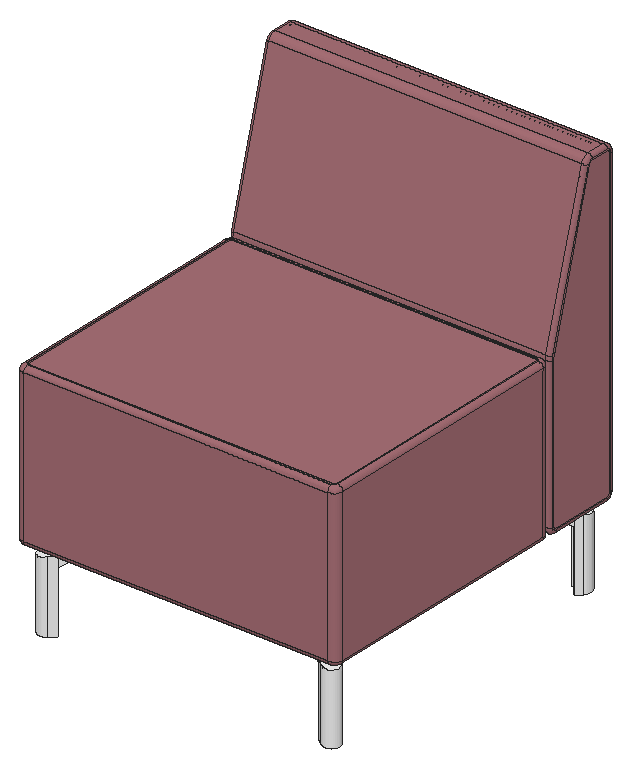
Revit family "Woodstock-Jefferson-JEFF-CH-1", category Furniture, Revit 2014
Parameters (values of type "JEFF-CH")
  Width = 23.9042"
  URL = "www.woodstockmarketing.com"
  Type Comments = "JEFFERSON LOUNGE"  # constant formula
  Seat = WTK - Fabric - Burgundy
  Salvage or Reuse = yes
  Percentage of Recycled Content = 0
  Model = "JEFF-CH"
  Manufacturer = "WOODSTOCK MARKETING"  # constant formula
  Low Emitting Material = yes
  Low Emitting Finish = yes
  Legs = WTK - Steel, Chrome Plated
  Keynote = "12500"
  Height = 29.88025"
  Depth = 25.89622"
  Description = "Straight"
  Back = WTK - Fabric - Burgundy
  Assembly Code = "E2020200"
Reference planes (in)
  plane 1 "Center Front/Back": y = 0
  plane 2: z = 0
  plane 3 "Center Left/Right": x = 0
  plane 4: z = 29.88025
  plane 5: x = 11.9521
  plane 6: x = 23.9042
  plane 7: y = -12.94811
  plane 8: y = -25.89622
  plane 9: through (1.2573, -1.25731, 48) normal (0.7071, 0.7071, 0)
  plane 10: through (0.94755, -1.41764, 48) normal (-0.7071, 0.7071, 0)
  plane 11: through (22.64689, -1.25731, 48) normal (0.7071, -0.7071, 0)
  plane 12: through (22.95665, -1.41764, 48) normal (-0.7071, -0.7071, 0)
  plane 13: through (22.64689, -24.63891, 48) normal (-0.7071, -0.7071, 0)
  plane 14: through (22.95665, -24.47858, 48) normal (0.7071, -0.7071, 0)
  plane 15: through (1.2573, -24.63891, 48) normal (-0.7071, 0.7071, 0)
  plane 16: through (0.94755, -24.47858, 48) normal (0.7071, 0.7071, 0)
  plane 17: z = 5.97605
Forms (in)
  Sweep 1, solid, material "WTK - Fabric - Burgundy" <- "Back"
    path origin (0, 0, 0) x (0, 1, 0) y (0, 0, 1)
      loop
        arc (0, 29.28454) -> (-0.17448, 29.70577) -> (-0.5957, 29.88025) r 0.5957
        line (-0.5957, 29.88025) -> (-2.02763, 29.88025)
        arc (-2.02763, 29.88025) -> (-2.39754, 29.75695) -> (-2.61949, 29.43636) r 0.61652
        line (-2.61949, 29.43636) -> (-5.92373, 18.10753)
        arc (-5.92373, 18.10753) -> (-5.9629, 17.92627) -> (-5.97605, 17.7413) r 1.30797
        line (-5.97605, 17.7413) -> (-5.97605, 6.56601)
        arc (-5.97605, 6.56601) -> (-5.80325, 6.14885) -> (-5.38609, 5.97605) r 0.58996
        line (-5.38609, 5.97605) -> (-0.59284, 5.97605)
        arc (-0.59284, 5.97605) -> (-0.17364, 6.14969) -> (0, 6.56889) r 0.59284
        line (0, 6.56889) -> (0, 29.28454)
    profile origin (0, 0, 17.92672) x (1, 0, 0) y (0, 1, 0)
      loop
        arc (0.28581, 0) -> (0.08371, -0.08371) -> (0, -0.28581) r 0.28581
        line (0, -0.28581) -> (0, -0.3476) -> (23.9042, -0.3476) -> (23.9042, -0.28516)
        arc (23.9042, -0.28516) -> (23.82068, -0.08352) -> (23.61904, 0) r 0.28516
        line (23.61904, 0) -> (0.28581, 0)
  Extrusion 2, solid, material "WTK - Fabric - Burgundy" <- "Back"
    sketch origin (23.9042, -4.66807, 17.7413) x (0, 0, 1) y (0, -1, 0)
      loop
        arc (11.79135, -2.64044) -> (11.73757, -2.4791) -> (11.59773, -2.38229) r 0.26891
        line (11.59773, -2.38229) -> (0.2689, 0.92196)
        arc (0.2689, 0.92196) -> (0.13582, 0.95072) -> (0, 0.96037) r 0.96037
        line (0, 0.96037) -> (-11.17529, 0.96037)
        arc (-11.17529, 0.96037) -> (-11.34666, 0.88939) -> (-11.41764, 0.71801) r 0.24236
        line (-11.41764, 0.71801) -> (-11.41764, -4.07523)
        arc (-11.41764, -4.07523) -> (-11.34581, -4.24864) -> (-11.1724, -4.32047) r 0.24524
        line (-11.1724, -4.32047) -> (11.54325, -4.32047)
        arc (11.54325, -4.32047) -> (11.71868, -4.2478) -> (11.79135, -4.07237) r 0.2481
        line (11.79135, -4.07237) -> (11.79135, -2.64044)
    from 0 to -23.9042
  Sweep 3, solid, material "WTK - Fabric - Burgundy" <- "Seat"
    path origin (0, 0, 0) x (1, 0, 0) y (0, 1, 0)
      loop
        line (0, -6.57124) -> (0, -25.30247)
        arc (0, -25.30247) -> (0.17391, -25.72231) -> (0.59375, -25.89622) r 0.59375
        line (0.59375, -25.89622) -> (23.31045, -25.89622)
        arc (23.31045, -25.89622) -> (23.73029, -25.72231) -> (23.9042, -25.30247) r 0.59375
        line (23.9042, -25.30247) -> (23.9042, -6.5698)
        arc (23.9042, -6.5698) -> (23.73029, -6.14996) -> (23.31045, -5.97605) r 0.59375
        line (23.31045, -5.97605) -> (0.59519, -5.97605)
        arc (0.59519, -5.97605) -> (0.17433, -6.15038) -> (0, -6.57124) r 0.59519
    profile origin (0, -15.93686, 0) x (1, 0, 0) y (0, 0, 1)
      loop
        arc (0.36682, 17.92815) -> (0.10744, 17.82071) -> (0, 17.56133) r 0.36682
        line (0, 17.56133) -> (0, 6.27694)
        arc (0, 6.27694) -> (0.08813, 6.06418) -> (0.30089, 5.97605) r 0.30089
        line (0.30089, 5.97605) -> (0.44136, 5.97605) -> (0.44136, 17.92815) -> (0.36682, 17.92815)
  Extrusion 4, solid, material "WTK - Fabric - Burgundy" <- "Seat"
    sketch origin (23.31045, -25.30247, 17.92815) x (0, -1, 0) y (1, 0, 0)
      loop
        arc (0, -22.86909) -> (0.10776, -22.82446) -> (0.15239, -22.7167) r 0.15239
        line (0.15239, -22.7167) -> (0.15239, 0)
        arc (0.15239, 0) -> (0.10776, 0.10776) -> (0, 0.15239) r 0.15239
        line (0, 0.15239) -> (-18.73267, 0.15239)
        arc (-18.73267, 0.15239) -> (-18.84043, 0.10776) -> (-18.88506, 0) r 0.15239
        line (-18.88506, 0) -> (-18.88506, -22.71525)
        arc (-18.88506, -22.71525) -> (-18.84, -22.82403) -> (-18.73122, -22.86909) r 0.15384
        line (-18.73122, -22.86909) -> (0, -22.86909)
    from 0 to -11.9521
Lines and regions (in)
  symbolic lines, style "Chair"
    curve 1: line (0.25, 0, 0) -> (23.6226, 0, 0)
    curve 2: line (0, -0.25, 0) -> (0, -5.67733, 0)
    curve 3: arc (0.25, 0, 0) -> (0.07322, -0.07322, 0) -> (0, -0.25, 0) r 0.25
    curve 4: line (23.9042, -0.2816, 0) -> (23.9042, -5.66638, 0)
    curve 5: arc (23.6226, 0, 0) -> (23.82172, -0.08248, 0) -> (23.9042, -0.2816, 0) r 0.2816
    curve 6: line (0.30719, -5.98452, 0) -> (23.58606, -5.98452, 0)
    curve 7: arc (0, -5.67733, 0) -> (0.08997, -5.89455, 0) -> (0.30719, -5.98452, 0) r 0.30719
    curve 8: arc (23.9042, -5.66638, 0) -> (23.81102, -5.89134, 0) -> (23.58606, -5.98452, 0) r 0.31814
    curve 9: line (0.60458, -25.89622, 0) -> (23.31916, -25.89622, 0)
    curve 10: line (0, -6.57716, 0) -> (0, -25.29164, 0)
    curve 11: line (23.9042, -6.56118, 0) -> (23.9042, -25.31118, 0)
    curve 12: arc (0, -25.29164, 0) -> (0.17708, -25.71914, 0) -> (0.60458, -25.89622, 0) r 0.60458
    curve 13: arc (23.9042, -25.31118, 0) -> (23.73285, -25.72486, 0) -> (23.31916, -25.89622, 0) r 0.58503
    curve 14: arc (23.9042, -6.56118, 0) -> (23.7672, -6.18479, 0) -> (23.42032, -5.98452, 0) r 0.58555
    curve 15: arc (0, -6.57716, 0) -> (0.14079, -6.19034, 0) -> (0.49728, -5.98452, 0) r 0.60178
Dimensions and locks (in)
  "Height": plane 4 to plane 2
  equal spacing: plane 3 "Center Left/Right", plane 5, plane 6
  "Width": plane 3 "Center Left/Right" to plane 6
  equal spacing: plane 8, plane 7, plane 1 "Center Front/Back"
  "Depth": plane 8 to plane 1 "Center Front/Back"
  locked: Sweep 3 sketch curve to plane 3 "Center Left/Right" at 0.44136
  locked: Sweep 3 sketch curve to plane 2 at 5.97605
  locked: plane 4 to Sweep 3 sketch curve at 11.9521
  locked: Sweep 3 sketch curve to plane 1 "Center Front/Back" at 5.97605
  locked: plane 17 to plane 2 at 5.97605
  aligned and locked: plane 2 to level
  aligned and locked: plane 1 "Center Front/Back" to Sweep 1 sketch curve
  aligned and locked: Sweep 1 sketch curve to plane 6
  aligned and locked: plane 3 "Center Left/Right" to Sweep 1 sketch curve
  aligned and locked: Extrusion 2 sketch curve to Sweep 1  (x5)
  aligned and locked: Sweep 1 to Extrusion 2
  aligned and locked: Extrusion 2 to Sweep 1
  aligned and locked: Extrusion 4 sketch curve to Sweep 3  (x4)
  aligned and locked: Extrusion 4 to Sweep 3
  aligned and locked: Extrusion 4 to nested 1
  aligned and locked: nested 1 to plane 9
  aligned and locked: nested 1 to plane 10
  aligned and locked: nested 2 to plane 11
  aligned and locked: nested 2 to plane 12
  aligned and locked: nested 3 to plane 13
  aligned and locked: nested 3 to plane 14
  aligned and locked: nested 4 to plane 15
  aligned and locked: nested 4 to plane 16
  aligned and locked: plane 3 "Center Left/Right" to Sweep 3 sketch curve
  aligned and locked: Sweep 3 sketch curve to plane 8
  aligned and locked: Sweep 3 sketch curve to plane 6
  aligned and locked: Sweep 3 sketch curve to plane 3 "Center Left/Right"
Automatic sketch dimensions
  plane 4 to Sweep 1 sketch curve = 0"
  Sweep 1 sketch curve to plane 1 "Center Front/Back" = 0"
  Sweep 1 sketch curve to Sweep 1 sketch curve = 0.59284"
  Sweep 1 sketch curve to Sweep 1 sketch curve = 0.5957"
  Sweep 1 sketch curve to Sweep 1 sketch curve = 1.43193"
  plane 4 to Sweep 1 sketch curve = 0.44389"
  Sweep 1 sketch curve to Sweep 1 sketch curve = 0.59186"
  plane 1 "Center Front/Back" to Sweep 1 sketch curve = 4.66807"
  Sweep 1 sketch curve to Sweep 1 sketch curve = 4.79325"
  Sweep 1 sketch curve to Sweep 1 sketch curve = 1.25566"
  Sweep 1 sketch curve to Sweep 1 sketch curve = 0.05232"
  plane 4 to Sweep 1 sketch curve = 11.77272"
  level to Sweep 1 sketch curve = 6.56889"
  plane 3 "Center Left/Right" to Sweep 1 sketch curve = 0.28581"
  Sweep 1 sketch curve to Sweep 1 sketch curve = 73/256"
  Sweep 1 sketch curve to Sweep 1 sketch curve = 0.06245"
  Extrusion 2 sketch curve to Sweep 1 = 0.03841"
  Extrusion 2 sketch curve to Sweep 1 = 0.19362"
  plane 3 "Center Left/Right" to Sweep 3 sketch curve = 19/32"
  Sweep 3 sketch curve to Sweep 3 sketch curve = 0.59519"
  Sweep 3 sketch curve to Sweep 3 sketch curve = 19/32"
  Sweep 3 sketch curve to plane 6 = 19/32"
  Sweep 3 sketch curve to Sweep 3 sketch curve = 0.36682"
  Sweep 3 sketch curve to Sweep 3 sketch curve = 0.14046"
  curve 12 to plane 3 "Center Left/Right" = 0"
  curve 2 to plane 3 "Center Left/Right" = 0"
  plane 1 "Center Front/Back" to curve 3 = 0"
  curve 9 to plane 8 = 0"
  curve 4 to plane 6 = 0"
  curve 11 to plane 6 = 0"
  plane 1 "Center Front/Back" to curve 3 = 1/4"
  plane 3 "Center Left/Right" to curve 6 = 0.30719"
  curve 15 to curve 15 = 0.60178"
  curve 12 to curve 12 = 0.60458"
  curve 14 to curve 11 = 0.58555"
  curve 9 to plane 6 = 0.58503"
  curve 8 to curve 8 = 0.31814"
  curve 1 to plane 6 = 0.2816"
  curve 11 to curve 5 = 6.27958"
  curve 14 to curve 6 = 0.57666"
  curve 7 to curve 15 = 0.19009"
Nested families (in)
  nested 1: "Leg" at (1.18259, -1.18259, 0) x (0.7071, -0.7071, 0) z (0, 0, 1), Leg <- "Legs", type "LG"
    with Leg WTK - Steel, Chrome Plated
  nested 2: "Leg" at (22.72161, -1.18259, 0) x (-0.7071, -0.7071, 0) z (0, 0, 1), Leg <- "Legs", type "LG"
    with Leg WTK - Steel, Chrome Plated
  nested 3: "Leg" at (22.72161, -24.71362, 0) x (-0.7071, 0.7071, 0) z (0, 0, 1), Leg <- "Legs", type "LG"
    with Leg WTK - Steel, Chrome Plated
  nested 4: "Leg" at (1.18259, -24.71362, 0) x (0.7071, 0.7071, 0) z (0, 0, 1), Leg <- "Legs", type "LG"
    with Leg WTK - Steel, Chrome Plated
Definition of nested family "Leg"
  Parameters (values of type "LG")
    Leg [instance] = none
  Reference planes (in)
    plane 1 "Center (Front/Back)": y = 0
    plane 2: z = 0
    plane 3 "Center (Left/Right)": x = 0
  Forms (in)
    Extrusion 1, solid, material <- "Leg"
      sketch origin (0, 0, 0) x (1, 0, 0) y (0, 1, 0)
        loop
          line (0.68563, 0.5818) -> (0.10644, 0.55599)
          arc (0.10644, 0.55599) -> (-0.49258, -0.07031) -> (0.10644, -0.69662) r 0.62693
          line (0.10644, -0.69662) -> (0.68563, -0.72243) -> (0.68563, -0.53838) -> (0.09204, -0.51193) -> (0.09204, 0.3774) -> (0.68563, 0.40386) -> (0.68563, 0.5818)
      from 0 to 5.49451
    Extrusion 2, solid, material <- "Leg"
      sketch origin (0, 0, 0) x (1, 0, 0) y (0, 0, 1)
        loop
          line (2.53468, 5.9485) -> (0.05892, 5.33046) -> (0.05892, 4.26932) -> (2.64672, 5.58382) -> (4.20966, 5.58382) -> (4.20966, 5.97605) -> (2.75878, 5.97605)
          arc (2.75878, 5.97605) -> (2.64589, 5.96914) -> (2.53468, 5.9485) r 0.92527
      from -0.71088 to 0.85764
    Extrusion 3, void
      sketch origin (0, 0, 0) x (1, 0, 0) y (0, 0, 1)
        loop
          line (0.81452, 5.51908) -> (-0.78504, 5.51908) -> (-0.78504, 5.11979) -> (0.81452, 5.51908)
      from -0.71088 to 0.85765
    Extrusion 4, void
      sketch origin (0, 0, 0) x (1, 0, 0) y (0, 1, 0)
        loop
          line (2.64672, 0.651) -> (4.21232, 0.72076) -> (4.21232, 0.82663) -> (-0.15749, 0.82663) -> (-0.15749, 0.52605) -> (2.64672, 0.651)
      from 4.21078 to 5.97605
    Extrusion 5, void
      sketch origin (0, 0, 0) x (1, 0, 0) y (0, 1, 0)
        loop
          line (0, -0.67756) -> (0, -1.02476) -> (4.20554, -1.02476) -> (4.20554, -0.86546) -> (2.64504, -0.79574) -> (0, -0.67756)
      from 4.21078 to 5.97605
  Cuts and joins
    Extrusion 3 cuts Extrusion 1
    Extrusion 3, Extrusion 4, Extrusion 5 cuts Extrusion 2
    joined: Extrusion 1, Extrusion 2
  Lines and regions (in)
    symbolic lines, style "FurnitureHiddenLines", detail levels fine
      curve 1: line (0.11798, 0.55651, 0) -> (4.20966, 0.73884, 0)
      curve 2: line (4.20966, 0.73884, 0) -> (4.20966, -0.85764, 0)
      curve 3: line (4.20966, -0.85764, 0) -> (0.12131, -0.69721, 0)
      curve 4: arc (0.12131, -0.69721, 0) -> (-0.4815, -0.07195, 0) -> (0.11798, 0.55651, 0) r 0.62741
      curve 5: line (2.64672, 0.66919, 0) -> (2.64672, -0.79631, 0)
      curve 6: line (0.09204, 0.3774, 0) -> (0.09204, -0.51193, 0)
      curve 7: line (0.09204, -0.51193, 0) -> (0.68563, -0.53838, 0)
      curve 8: line (0.68563, -0.53838, 0) -> (0.68563, -0.71936, 0)
      curve 9: line (0.09204, 0.3774, 0) -> (0.68563, 0.40386, 0)
      curve 10: line (0.68563, 0.40386, 0) -> (0.68563, 0.5818, 0)
  Dimensions and locks (in)
    aligned and locked: plane 2 to level
